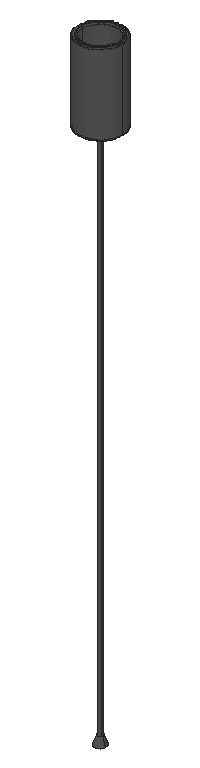
Revit family "CARLO CYLINDER LIGHT Pendant_ Surface", category Lighting Fixtures, host Face, Revit 2020 (continued)
Types (13): name | Wattage_Input | Wattage Comments | Wattage | built-in parameter 1150134 | Size 08 | Size 04 | Photometric Web File | built-in parameter 1150142 | Model | built-in parameter 1150105 | Lumens | built-in parameter 1150107 | built-in parameter 1150106 | Fixture Height | Fixture Diameter | BEAMING ANGLE | Apparent Load
    .26385 0.24392 0.22017 \r\n 0.19585 0.16968 0.14662 0.13557 0.12337 0.094303 0.064967 0.049835 0.039612 0.029557 \r\n 0.020457 0.010571 0.00274 0.00027602 0.000024 0 0 0 0 0 \r\n 0 0 0 0 0 0 0 0 0.00054348 0.021012 \r\n 0.045819 0.064185 0.081073 0.096708 0.11451 0.14244 0.16706 0.17035 0.17395 0.19854 \r\n 0.22901 0.2567 0.28299 0.30396 0.32684 0.36005 0.39604 0.42783 0.46206 0.50527 \r\n 0.55075 0.59175 0.63503 0.68734 0.74207 0.794 0.84581 0.89671 0.95195 1.0184 \r\n 1.0904 1.1646 1.2404 1.3149 1.3916 1.4816 1.5795 1.6845 1.7939 1.9031 \r\n 2.0177 2.1439 2.2765 2.4136 2.5515 2.6819 2.8168 2.9667 3.1266 3.2969 \r\n 3.4713 3.6409 3.8133 3.9941 4.1795 4.3643 4.5584 4.7767 4.9993 5.2049 \r\n 5.4125 5.6339 5.8693 6.125 6.3941 6.6685 6.959 7.2774 7.6135 7.9553 \r\n 8.3204 8.7214 9.1611 9.6114 10.178 10.949 11.951 13.267 14.822 16.535 \r\n 18.504 20.352 23.423 28.898 36.895 48.226 61.985 77.761 94.891 112.48 \r\n 130.83 150.23 169.87 188.84 207.61 226.36 245.03 264.03 282.13 298.25 \r\n 312.38 323.7 333.58 343.1 352.24 361.34 370.39 379.52 388.63 397.66 \r\n 406.72 415.95 425.25 434.66 443.99 452.92 461.96 471.61 481.59 491.73 \r\n 502.25 513.32 525.03 537.72 550.75 563.72 576.31 587.78 598.94 610.46 \r\n 621.91 633 643.87 654.56 665.09 675.57 685.8 695.5 704.95 714.37 \r\n 723.66 732.85 741.74 750.12 758.04 765.49 772.38 778.6 784.19 788.98 \r\n 793.49 798.31 803.12 807.84 812.41 816.71 820.88 825.19 829.16 832.23 \r\n 834.89 837.44 839.84 842.16 844.28 846.06 847.58 848.95 850.04 850.73 \r\n 849.27 \r\n2.1273 851.17 850.9 850.07 848.82 847.32 845.46 843.19 840.54 837.37 \r\n 834.14 831.65 828.73 824.18 818.89 813.36 807.61 801.78 795.97 790.45 \r\n 784.93 779.34 773.32 766.13 758.81 752.5 746.15 738.9 731.26 723.44 \r\n 715.38 707.05 698.47 689.63 680.52 671.07 661.35 651.45 641.26 630.69 \r\n 619.83 608.8 597.45 585.62 573.38 560.62 547.85 535.46 523.67 513 \r\n 502.97 493.38 484 474.4 465.05 456.48 448.22 440 431.81 423.5 \r\n 415.18 406.99 398.74 390.21 381.64 373.33 364.82 355.79 346.12 335.99 \r\n 324.14 309.05 291.77 272.59 252.32 231.96 211.29 190.11 169.36 150.13 \r\n 131.75 113.77 96.66 80.664 65.996 52.728 41.524 33.279 27.364 23.864 \r\n 21.524 18.933 16.643 14.766 13.219 11.965 10.987 10.3 9.7717 9.2646 \r\n 8.8034 8.3626 7.9558 7.5931 7.2596 6.9432 6.6448 6.3616 6.0923 5.8332 \r\n 5.588 5.3632 5.1473 4.9291 4.7148 4.5085 4.3062 4.1021 3.9061 3.7299 \r\n 3.5616 3.3932 3.2249 3.0485 2.8812 2.7445 2.6167 2.4826 2.3447 2.1947 \r\n 2.0487 1.9236 1.8085 1.6975 1.5924 1.4939 1.4004 1.3165 1.2405 1.1757 \r\n 1.112 1.036 0.95999 0.89392 0.83185 0.77034 0.71183 0.65827 0.60775 0.55836 \r\n 0.512 0.47004 0.43202 0.40031 0.36765 0.32276 0.27992 0.2534 0.23183 0.20777 \r\n 0.18375 0.15837 0.13594 0.12467 0.11142 0.079568 0.047786 0.032832 0.023841 0.014875 \r\n 0.0079125 0.0029607 0 0 0 0 0 0 0 0 \r\n 0 0 0 0 0 0 0 0 0.00067114 0.026168 \r\n 0.056577 0.078041 0.09655 0.11221 0.12881 0.15407 0.17636 0.18008 0.18487 0.20996 \r\n 0.24098 0.26947 0.29699 0.32061 0.34526 0.37586 0.40946 0.44413 0.48178 0.5253 \r\n 0.56984 0.60861 0.65038 0.70495 0.76248 0.81507 0.86667 0.91677 0.9709 1.0361 \r\n 1.1073 1.1824 1.2596 1.3348 1.4123 1.5046 1.6049 1.7107 1.8215 1.9353 \r\n 2.0542 2.18 2.3108 2.4465 2.5832 2.7132 2.8483 2.9999 3.1613 3.3311 \r\n 3.5049 3.6758 3.8498 4.0322 4.2186 4.4028 4.5959 4.8137 5.0365 5.244 \r\n 5.4537 5.676 5.9112 6.1654 6.4327 6.7057 6.9947 7.3106 7.6446 7.9857 \r\n 8.3517 8.7553 9.2007 9.6631 10.242 11.016 12.025 13.365 14.943 16.657 \r\n 18.627 20.498 23.595 29.085 37.079 48.331 62.08 78.118 95.54 113.26 \r\n 131.62 150.89 170.29 188.94 207.4 225.97 244.52 263.45 281.56 297.87 \r\n 312.17 323.41 333.16 342.71 351.9 361.01 370.05 379.21 388.36 397.36 \r\n 406.41 415.73 425.14 434.55 443.86 452.76 461.75 471.27 481.14 491.21 \r\n 501.81 513.26 525.36 538.13 551.15 564.09 576.64 588.08 599.21 610.75 \r\n 622.18 633.13 643.87 654.6 665.2 675.65 685.84 695.58 705.07 714.48 \r\n 723.75 732.95 741.84 750.21 758.12 765.63 772.54 778.65 784.1 788.78 \r\n 793.25 798.2 803.15 807.84 812.35 816.62 820.78 825.12 829.1 832.11 \r\n 834.72 837.34 839.81 842.16 844.28 846.03 847.54 848.95 850.07 850.71 \r\n 849.27 \r\n2.1273 851.11 850.75 849.94 848.77 847.32 845.5 843.2 840.5 837.3 \r\n 834.02 831.38 828.34 823.85 818.69 813.29 807.64 801.77 795.9 790.41 \r\n 784.93 779.32 773.32 766.29 759.13 752.85 746.47 739.18 731.48 723.64 \r\n 715.56 707.2 698.61 689.82 680.75 671.32 661.61 651.67 641.45 630.83 \r\n 619.96 609.05 597.84 586.11 573.96 561.2 548.41 536.02 524.22 513.47 \r\n 503.35 493.68 484.26 474.64 465.32 456.76 448.54 440.37 432.22 423.92 \r\n 415.58 407.3 398.97 390.51 382.02 373.73 365.24 356.25 346.64 336.61 \r\n 324.83 309.58 292.24 273.51 253.69 233.26 212.42 191.28 170.52 151.03 \r\n 132.39 114.43 97.341 81.155 66.262 52.854 41.567 33.331 27.455 23.972 \r\n 21.645 19.069 16.782 14.867 13.281 12.019 11.042 10.349 9.8141 9.3034 \r\n 8.8398 8.3977 7.9888 7.6202 7.2814 6.9665 6.6705 6.3859 6.1152 5.8578 \r\n 5.6145 5.3885 5.1715 4.955 4.7426 4.5362 4.3337 4.1309 3.9357 3.7568 \r\n 3.5868 3.423 3.2596 3.0828 2.9134 2.7749 2.6458 2.5124 2.3754 2.2252 \r\n 2.0787 1.9532 1.8376 1.7261 1.6203 1.5187 1.4241 1.3394 1.2626 1.1957 \r\n 1.1301 1.0535 0.97773 0.91338 0.85291 0.791 0.73165 0.67767 0.62723 0.57941 \r\n 0.53426 0.49098 0.45124 0.41893 0.3866 0.34451 0.30348 0.27317 0.2473 0.22277 \r\n 0.19969 0.1763 0.15512 0.14122 0.1252 0.093928 0.063587 0.049795 0.041095 0.030187 \r\n 0.020201 0.01164 0.0050632 0.0016107 0.000045 0 0 0 0 0 \r\n 0 0 0 0 0 0 0 0 0 0.020027 \r\n 0.044684 0.063396 0.081717 0.10211 0.12325 0.14672 0.16629 0.17067 0.17663 0.20144 \r\n 0.23229 0.26182 0.29091 0.31654 0.34299 0.37403 0.40816 0.44522 0.48494 0.52757 \r\n 0.57139 0.61297 0.6577 0.71233 0.7694 0.82242 0.87522 0.92799 0.9852 1.0534 \r\n 1.1265 1.2001 1.2758 1.3529 1.4336 1.528 1.6291 1.7324 1.8402 1.9525 \r\n 2.0712 2.2001 2.3335 2.4665 2.6016 2.7378 2.8805 3.037 3.2009 3.368 \r\n 3.5396 3.7158 3.8964 4.0814 4.2697 4.4572 4.6533 4.8718 5.0952 5.305 \r\n 5.5185 5.7476 5.99 6.2486 6.5205 6.8015 7.0983 7.416 7.7555 8.1181 \r\n 8.5071 8.9214 9.3758 9.8492 10.449 11.266 12.327 13.715 15.341 17.087 \r\n 19.111 21.081 24.346 30.131 38.473 50.086 64.165 80.435 98.036 115.92 \r\n 134.39 153.61 172.96 191.76 210.33 228.79 247.13 265.74 283.54 299.65 \r\n 313.81 324.92 334.59 344.13 353.32 362.35 371.33 380.48 389.62 398.6 \r\n 407.63 416.93 426.31 435.65 444.93 453.96 463.09 472.67 482.55 492.51 \r\n 503.02 514.61 526.86 539.72 552.74 565.53 577.91 589.39 600.59 612.11 \r\n 623.47 634.24 644.8 655.43 665.97 676.4 686.61 696.46 706.04 715.41 \r\n 724.61 733.76 742.62 751 758.91 766.34 773.16 779.18 784.55 789.14 \r\n 793.56 798.55 803.58 808.32 812.84 817.04 821.1 825.33 829.22 832.14 \r\n 834.69 837.38 839.92 842.21 844.28 846.09 847.65 848.98 850.03 850.7 \r\n 849.27 \r\n2.1273 851.03 850.57 849.81 848.72 847.34 845.55 843.2 840.43 837.21 \r\n 833.88 831.06 827.88 823.48 818.47 813.21 807.64 801.73 795.81 790.36 \r\n 784.93 779.28 773.27 766.42 759.44 753.16 746.73 739.38 731.63 723.76 \r\n 715.66 707.28 698.67 689.92 680.89 671.49 661.78 651.8 641.51 630.82 \r\n 619.93 609.12 598.04 586.44 574.37 561.62 548.8 536.43 524.62 513.77 \r\n 503.53 493.77 484.28 474.69 465.41 456.85 448.62 440.51 432.42 424.13 \r\n 415.77 407.4 399.01 390.62 382.24 373.98 365.51 356.57 347.01 337.09 \r\n 325.36 309.9 292.44 274.19 254.87 234.42 213.45 192.4 171.68 151.89 \r\n 132.93 114.91 97.804 81.415 66.304 52.752 41.396 33.228 27.454 24.006 \r\n 21.698 19.154 16.884 14.937 13.314 12.055 11.086 10.388 9.8466 9.3333 \r\n 8.8688 8.4277 8.0189 7.6439 7.2996 6.9867 6.694 6.4084 6.1365 5.8817 \r\n 5.6411 5.4149 5.1973 4.9817 4.7706 4.565 4.3633 4.1625 3.9684 3.7864 \r\n 3.6142 3.4552 3.2971 3.1207 2.9499 2.8093 2.6785 2.546 2.4102 2.2599 \r\n 2.1131 1.9876 1.872 1.7604 1.6538 1.5493 1.4517 1.366 1.2883 1.2187 \r\n 1.1504 1.0732 0.99778 0.93548 0.87705 0.81525 0.75545 0.70118 0.65078 0.60431 \r\n 0.56022 0.51593 0.47471 0.44125 0.4088 0.37 0.33137 0.29723 0.26686 0.24174 \r\n 0.21957 0.19838 0.17864 0.16183 0.14286 0.11285 0.084608 0.071795 0.062902 0.049663 \r\n 0.036028 0.022609 0.011165 0.0040838 0.000099 0 0 0 0 0 \r\n 0 0 0 0 0 0 0 0 0 0.012957 \r\n 0.030038 0.045166 0.063024 0.088597 0.11491 0.1368 0.15382 0.15937 0.16685 0.19106 \r\n 0.22127 0.25166 0.28222 0.30974 0.33802 0.37001 0.40511 0.4444 0.48587 0.52737 \r\n 0.57048 0.61571 0.66414 0.71835 0.77431 0.82771 0.88198 0.93811 0.99919 1.071 \r\n 1.1464 1.2181 1.2918 1.3711 1.4552 1.5516 1.6531 1.7536 1.8577 1.9674 \r\n 2.0852 2.2177 2.3547 2.485 2.6184 2.7616 2.9129 3.0746 3.2412 3.4052 \r\n 3.5744 3.7566 3.9444 4.132 4.3222 4.5136 4.7132 4.9326 5.1568 5.3688 \r\n 5.5863 5.8228 6.0733 6.3373 6.6149 6.9052 7.2111 7.5317 7.8784 8.2669 \r\n 8.6834 9.1107 9.5755 10.06 10.681 11.547 12.666 14.106 15.782 17.565 \r\n 19.652 21.738 25.201 31.338 40.093 52.133 66.585 83.047 100.78 118.83 \r\n 137.42 156.6 175.94 194.97 213.76 232.15 250.29 268.59 286.03 301.87 \r\n 315.81 326.79 336.38 345.89 355.06 364.01 372.91 382.02 391.14 400.09 \r\n 409.09 418.35 427.67 436.92 446.16 455.33 464.64 474.31 484.2 494.06 \r\n 504.47 516.12 528.49 541.41 554.43 567.04 579.26 590.8 602.08 613.59 \r\n 624.87 635.47 645.84 656.35 666.82 677.23 687.46 697.42 707.1 716.42 \r\n 725.52 734.61 743.43 751.82 759.72 767.05 773.75 779.7 785.01 789.54 \r\n 793.92 798.96 804.04 808.84 813.38 817.51 821.46 825.56 829.32 832.16 \r\n 834.69 837.43 840.03 842.27 844.28 846.16 847.78 849.03 849.98 850.69 \r\n 849.27 \r\n2.1273 850.95 850.4 849.68 848.69 847.36 845.59 843.2 840.37 837.13 \r\n 833.76 830.74 827.42 823.13 818.3 813.16 807.66 801.72 795.76 790.35 \r\n 784.97 779.27 773.24 766.56 759.75 753.46 746.96 739.58 731.79 723.89 \r\n 715.75 707.36 698.75 690.03 681.04 671.66 661.95 651.93 641.58 630.82 \r\n 619.89 609.15 598.2 586.71 574.74 562 549.17 536.81 524.98 514.01 \r\n 503.64 493.77 484.22 474.68 465.46 456.85 448.57 440.52 432.5 424.21 \r\n 415.82 407.38 398.96 390.66 382.38 374.16 365.71 356.82 347.34 337.52 \r\n 325.85 310.17 292.6 274.82 256.01 235.59 214.55 193.63 172.96 152.87 \r\n 133.55 115.41 98.202 81.592 66.26 52.559 41.135 33.058 27.408 23.998 \r\n 21.71 19.206 16.961 14.987 13.331 12.079 11.123 10.42 9.871 9.3561 \r\n 8.8919 8.4531 8.0453 7.6643 7.3142 7.0034 6.7141 6.4277 6.155 5.9031 \r\n 5.6655 5.4398 5.222 5.0069 4.7966 4.5921 4.3918 4.1935 4.0008 3.8155 \r\n 3.6407 3.4862 3.3334 3.1579 2.9864 2.8437 2.711 2.5792 2.4447 2.2946 \r\n 2.1476 2.0223 1.9068 1.7955 1.6883 1.5807 1.4798 1.3932 1.3145 1.2417 \r\n 1.1705 1.0928 1.0178 0.95754 0.90118 0.8398 0.7799 0.7255 0.67515 0.62963 \r\n 0.5863 0.54136 0.49902 0.46404 0.43103 0.39552 0.35949 0.32192 0.28738 0.26154 \r\n 0.24007 0.2211 0.20287 0.18322 0.16145 0.13315 0.1073 0.095055 0.085465 0.069852 \r\n 0.052564 0.033957 0.017317 0.0065413 0.00015269 0 0 0 0 0 \r\n 0 0 0 0 0 0 0 0 0 0.0059441 \r\n 0.015478 0.026947 0.04419 0.074599 0.10586 0.12642 0.14136 0.14864 0.15802 0.18133 \r\n 0.21041 0.24136 0.27319 0.30245 0.33252 0.36565 0.40187 0.44312 0.48604 0.52632 \r\n 0.56877 0.61793 0.67024 0.72371 0.7782 0.83191 0.88776 0.94756 1.0128 1.0884 \r\n 1.166 1.2357 1.3073 1.3886 1.4763 1.5742 1.6758 1.7736 1.8743 1.9809 \r\n 2.0972 2.2335 2.3744 2.5023 2.6343 2.7845 2.9441 3.1109 3.2799 3.4407 \r\n 3.6075 3.7958 3.9908 4.1806 4.3724 4.5677 4.7711 4.9915 5.2165 5.4305 \r\n 5.6516 5.8954 6.1539 6.4235 6.7072 7.0068 7.3222 7.6462 8.0011 8.4171 \r\n 8.8631 9.3052 9.7816 10.276 10.918 11.835 13.013 14.502 16.227 18.048 \r\n 20.202 22.412 26.09 32.609 41.807 54.301 69.131 85.736 103.54 121.73 \r\n 140.44 159.6 178.95 198.27 217.32 235.71 253.7 271.69 288.79 304.3 \r\n 317.97 328.81 338.32 347.81 356.96 365.81 374.61 383.67 392.77 401.68 \r\n 410.64 419.83 429.08 438.23 447.43 456.74 466.22 475.99 485.91 495.66 \r\n 505.97 517.67 530.1 543.06 556.07 568.52 580.59 592.18 603.55 615.05 \r\n 626.25 636.69 646.89 657.28 667.67 678.06 688.32 698.39 708.16 717.41 \r\n 726.41 735.43 744.2 752.57 760.45 767.68 774.26 780.15 785.42 789.93 \r\n 794.31 799.37 804.49 809.33 813.89 817.96 821.81 825.77 829.4 832.18 \r\n 834.69 837.48 840.13 842.32 844.28 846.23 847.91 849.08 849.95 850.7 \r\n 849.27 \r\n2.1273 850.89 850.24 849.58 848.68 847.38 845.61 843.19 840.32 837.08 \r\n 833.67 830.48 827.03 822.86 818.22 813.17 807.74 801.79 795.82 790.45 \r\n 785.09 779.34 773.29 766.77 760.11 753.78 747.2 739.82 732.03 724.08 \r\n 715.9 707.51 698.93 690.24 681.29 671.93 662.22 652.17 641.79 630.96 \r\n 619.98 609.3 598.43 587.05 575.18 562.47 549.64 537.29 525.44 514.33 \r\n 503.8 493.82 484.22 474.75 465.59 456.89 448.52 440.5 432.53 424.24 \r\n 415.83 407.35 398.92 390.71 382.53 374.34 365.93 357.11 347.7 338.01 \r\n 326.42 310.59 292.96 275.6 257.26 236.94 215.91 195.13 174.52 154.14 \r\n 134.46 116.1 98.693 81.829 66.266 52.409 40.912 32.907 27.363 23.98 \r\n 21.705 19.241 17.025 15.029 13.345 12.099 11.155 10.446 9.8894 9.3738 \r\n 8.911 8.4744 8.0674 7.6811 7.3257 7.0165 6.7299 6.4427 6.1694 5.92 \r\n 5.6855 5.4607 5.2433 5.0283 4.8184 4.6149 4.4163 4.2206 4.0294 3.8409 \r\n 3.6634 3.5125 3.3642 3.1902 3.0188 2.8741 2.7394 2.608 2.4745 2.3247 \r\n 2.1779 2.0526 1.9372 1.8267 1.7195 1.6093 1.5054 1.4176 1.3379 1.262 \r\n 1.188 1.1099 1.0355 0.97686 0.92219 0.86137 0.80163 0.74732 0.69707 0.65195 \r\n 0.6089 0.56374 0.52077 0.48404 0.45005 0.41735 0.38375 0.3436 0.30575 0.27906 \r\n 0.2579 0.24094 0.22418 0.20212 0.17803 0.15163 0.1281 0.1158 0.10498 0.087308 \r\n 0.066971 0.043773 0.022533 0.0086005 0.00019855 0 0 0 0 0 \r\n 0 0 0 0 0 0 0 0 0 0.00035055 \r\n 0.003838 0.012299 0.028935 0.063048 0.098165 0.11772 0.13129 0.14094 0.15264 0.17478 \r\n 0.20222 0.23331 0.26604 0.29688 0.32865 0.3628 0.4 0.44286 0.48693 0.52605 \r\n 0.5679 0.6207 0.67656 0.72913 0.78203 0.836 0.89337 0.95674 1.026 1.1048 \r\n 1.1842 1.2521 1.322 1.4052 1.4959 1.5948 1.6961 1.7919 1.89 1.9934 \r\n 2.1082 2.2481 2.3928 2.5189 2.6498 2.8059 2.9727 3.1437 3.3147 3.4728 \r\n 3.6375 3.8312 4.0326 4.224 4.4167 4.6156 4.8224 5.044 5.2698 5.4853 \r\n 5.7093 5.9591 6.2245 6.4992 6.7885 7.0966 7.4204 7.7481 8.1114 8.5542 \r\n 9.029 9.4871 9.9759 10.48 11.14 12.105 13.337 14.871 16.64 18.495 \r\n 20.715 23.05 26.944 33.848 43.487 56.419 71.595 88.284 106.1 124.4 \r\n 143.2 162.35 181.73 201.34 220.68 239.12 257.02 274.79 291.57 306.73 \r\n 320.09 330.79 340.24 349.7 358.82 367.57 376.26 385.28 394.34 403.21 \r\n 412.1 421.22 430.39 439.45 448.6 458.03 467.67 477.51 487.47 497.15 \r\n 507.38 519.09 531.56 544.54 557.53 569.83 581.77 593.43 604.88 616.36 \r\n 627.5 637.81 647.88 658.16 668.48 678.83 689.11 699.27 709.1 718.29 \r\n 727.18 736.13 744.84 753.18 761.02 768.14 774.62 780.46 785.72 790.24 \r\n 794.65 799.73 804.88 809.74 814.3 818.32 822.07 825.89 829.4 832.16 \r\n 834.68 837.52 840.2 842.36 844.28 846.29 848.03 849.14 849.95 850.72 \r\n 849.27 \r\n2.1273 850.87 850.23 849.58 848.71 847.4 845.62 843.19 840.33 837.15 \r\n 833.79 830.54 827.04 823 818.49 813.51 808.11 802.24 796.32 790.9 \r\n 785.49 779.74 773.72 767.26 760.65 754.26 747.64 740.38 732.7 724.65 \r\n 716.37 708.06 699.62 691.01 682.12 672.76 663.04 653.04 642.7 631.86 \r\n 620.86 610.15 599.28 587.98 576.21 563.58 550.81 538.47 526.54 515.25 \r\n 504.56 494.57 485.01 475.57 466.4 457.54 449 440.92 432.91 424.57 \r\n 416.14 407.74 399.38 391.21 383.07 374.94 366.59 357.86 348.58 339.06 \r\n 327.67 312.03 294.6 277.43 259.3 239.29 218.54 197.88 177.26 156.7 \r\n 136.71 117.87 99.954 82.702 66.842 52.821 41.223 33.117 27.497 24.069 \r\n 21.773 19.322 17.12 15.105 13.395 12.139 11.188 10.468 9.9023 9.3881 \r\n 8.9284 8.4896 8.079 7.6897 7.3318 7.0212 6.7336 6.4449 6.1706 5.9218 \r\n 5.6883 5.4648 5.2485 5.0342 4.8245 4.6206 4.4218 4.228 4.0383 3.848 \r\n 3.6683 3.5173 3.3699 3.198 3.0284 2.8831 2.7471 2.6143 2.4797 2.3305 \r\n 2.1842 2.0573 1.9408 1.833 1.7289 1.6192 1.5147 1.4257 1.3444 1.2669 \r\n 1.1919 1.1143 1.0405 0.98151 0.92635 0.86547 0.80595 0.75245 0.70267 0.65632 \r\n 0.61203 0.56764 0.52533 0.48694 0.45125 0.4189 0.38613 0.34647 0.30868 0.28074 \r\n 0.25853 0.24255 0.22699 0.20456 0.18013 0.1552 0.13263 0.11806 0.10469 0.086824 \r\n 0.066823 0.043299 0.021805 0.0081971 0.00019202 0 0 0 0 0 \r\n 0 0 0 0 0 0 0.000044 0.0016314 0.0037944 0.0047215 \r\n 0.0084409 0.017641 0.03453 0.067104 0.1007 0.12013 0.13492 0.14879 0.16399 0.18433 \r\n 0.20886 0.23893 0.27156 0.30376 0.33694 
